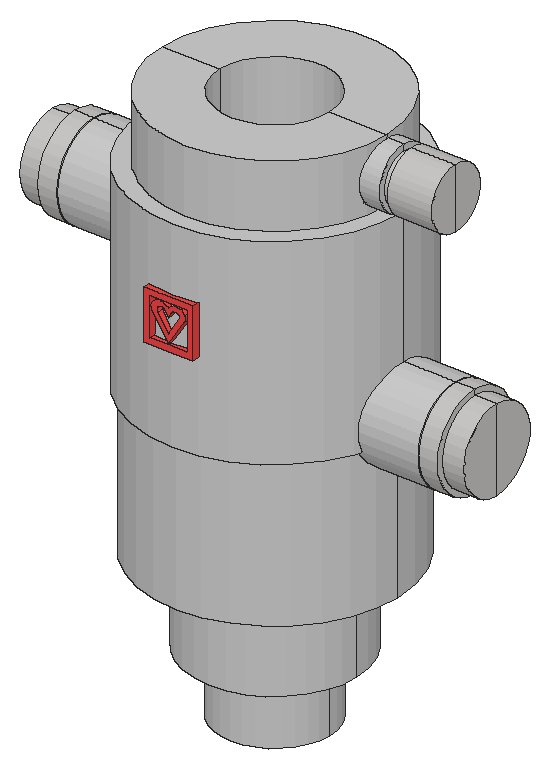
Revit family "Systemtrenner 0302", category Rohrzubehör, Revit 2018
Family settings
  Bemaßung runder Anschluss = Durchmesser verwenden
  Teiletyp = Unterbricht
  OmniClass-Nummer = 23.65.55.14
  OmniClass-Titel = Valves for Liquid Services
  Arbeitsebenenbasiert = Nein
  Immer vertikal = Ja
  Beim Laden mit Abzugskörper schneiden = Nein
  Gemeinsam genutzt = Nein
Parameters (values of type "DN15 (3/4"-3/4")")
  Max. zulässige Betriebstemperatur (kurzzeitig) = 80 °C  # constant formula
  Max. Betriebstemperatur = 65 °C  # constant formula
  URL = "www.herz-armaturen.at"
  Systemtrenner-Kartusche = "hochwertiger, kalkabweisender Kunststoff"  # constant formula
  SCTWSEQ = "AW;SBT_TYP_AW=\"104\";2"
  SCTWCODE = "04;12;02"  # constant formula
  S03 = 29.00 mm  # constant formula
  S02 = 53.00 mm  # constant formula
  S01 = 13.00 mm  # constant formula
  NennweiteEin [instance] = if([20_20], 20.00 mm, if([25_20], 25.00 mm, if([25_25], 25.00 mm, 0.00 mm)))  # 20.00 mm
  NennweiteAus [instance] = if([20_20], 20.00 mm, if([25_20], 20.00 mm, if([25_25], 25.00 mm, 0.00 mm)))  # 20.00 mm
  Max. Betriebsdruck = 1000000.0 Pa  # constant formula
  Medium = "Wasser (ohne Dampf)"  # constant formula
  LO01 = 70.00 mm  # constant formula
  IG (ein) [instance] = NennweiteEin / 2  # 10.00 mm
  Hinweis = "Gemäß Art 33 der REACH-Verordnung (EG Nr. 1907/2006) sind wir verpflichtet, darauf hinzuweisen, dass der Stoff Blei auf der SVHC-Liste geführt wird und dass alle aus Messing bestehenden Bauteile, die in unseren Erzeugnissen verarbeitet sind, mehr als 0,1 % (w/w) Blei (CAS: 7439-92-1 / EINECS: 231-100-4) enthalten.\r\nDa Blei als Legierungsbestandteil fest gebunden ist, sind keine Expositionen zu erwarten und daher sind keine zusätzlichen Angaben zur sicheren Verwendung notwendig."
  Hersteller = "HERZ Armaturen Ges.m.b.H."  # constant formula
  H09 = 7.50 mm  # constant formula
  H08 = 24.50 mm  # constant formula
  H07 = 8.50 mm  # constant formula
  H06 = 57.50 mm  # constant formula
  H05 = 6.00 mm  # constant formula
  H04 = 11.50 mm  # constant formula
  H03 = 54.00 mm  # constant formula
  H02 = 27.00 mm  # constant formula
  H01 = 102.00 mm  # constant formula
  Gehäuse = "Pressmessing (CW617N), verchromt"  # constant formula
  GT (IG) [instance] = if([20_20], 11.30 mm, if([25_20], 12.50 mm, if([25_25], 12.50 mm, 0.00 mm)))  # 11.30 mm
  GT (AG) [instance] = if([20_20], 11.30 mm, if([25_20], 12.50 mm, if([25_25], 12.50 mm, 0.00 mm)))  # 11.30 mm
  Einbaulage = "senkrecht"  # constant formula
  Dichtungen = "EPDM"  # constant formula
  D10 = 4.00 mm  # constant formula
  D09 = 40.50 mm  # constant formula
  D08 = 4.50 mm  # constant formula
  D07 = 5.50 mm  # constant formula
  D06 = 33.00 mm  # constant formula
  D05 [instance] = (NennweiteEin / 2) + 1.00 mm  # 11.00 mm
  D04 = 15.00 mm  # constant formula
  D03 = 22.50 mm  # constant formula
  D02 = 23.50 mm  # constant formula
  D01 = 20.50 mm  # constant formula
  Bestellnummer = if([20_20], "I030202", if([25_20], "I030203", if([25_25], "I030213", "0")))  # "I030202"
  Ausführung = "Der Systemtrenner BA wurde nach der Norm DIN EN 1717 entwickelt.\r\nLaut dieser Norm ist die Wasserqualität je nach Grad der Verschmutzung in 5 Klassen eingeteilt.\r\nDer Systemtrenner Typ BA erlaubt Absicherung gegen Nichttrinkwasser bis zur Gefahrenklasse 4, der höchsten Gefahrenklasse, die mit einer Armatur abgesichert werden kann.\r\nSystemtrenner komplett mit Sicherungsschraube gegen Manipulationen, Sieb gegen Schmutzeintrag.\r\nDiese Filterscheibe muss richtig in die Armatur hingesetzt werden, so dass die Funktion gewehrleistet werden kann.\r\nDichtung darauf legen.\r\nDer Einbau eines Schmutzfängers vor dem Systemtrenner hilft, um eine dauerhafte und einwandfreie Funktion zu gewährleisten.\r\nDer Systemtrenner kann nur senkrecht montiert werden.\r\nDer Herz- Systemtrenner ist frostsicher."
  Anwendung = "Der Systemtrenner ist zum nachträglichen Anbau an eine Entnahmearmatur mit Schlauchanschluss konzipiert.\r\nDank seiner kompakten Bauform schliesst dieser Systemtrenner die Lücke überall dort, wo eine Anbindung an das Abwasser notwendig ist."
  AG (aus) [instance] = NennweiteAus / 2  # 10.00 mm
  25_25 = no
  25_20 = no
  20_20 = yes
Types (4, lengths in mm): name | NennweiteEin | NennweiteAus | IG (ein) | GT (IG) | GT (AG) | D05 | Bestellnummer | AG (aus) | 25_25 | 25_20 | 20_20
  (no name) | 20.00 | 20.00 | 10.00 | 11.30 | 11.30 | 11.00 | "I030202" | 10.00 | no | no | yes
  DN15 (3/4"-3/4") | 20.00 | 20.00 | 10.00 | 11.30 | 11.30 | 11.00 | "I030202" | 10.00 | no | no | yes
  DN20 (1"-3/4") | 25.00 | 20.00 | 12.50 | 12.50 | 12.50 | 13.50 | "I030203" | 10.00 | no | yes | no
  DN20 (1"-1") | 25.00 | 25.00 | 12.50 | 12.50 | 12.50 | 13.50 | "I030213" | 12.50 | yes | no | no
Reference planes
  plane 1 "Mitte (Vorne/hinten)": y = 0
  plane 2: z = 0
  plane 3 "Mitte (Links/rechts)": x = 0
Forms (mm)
  Revolve 1, solid, material "Messing, vernickelt", detail levels fine
    sketch origin (0, 0, 0) x (1, 0, 0) y (0, 0, 1)
      loop
        line (0, 0) -> (0, 90.7) -> (-10, 90.7) -> (-10, 102) -> (-20.5, 102) -> (-20.5, 90.5) -> (-23.5, 90.5) -> (-23.5, 54) -> (-22.5, 54) -> (-22.5, 27) -> (-15, 27) -> (-15, 11.3) -> (-10, 11.3) -> (-10, 0) -> (0, 0)
      axis (0, 102) -> (0, 0)
    angle from 0 to 360
  Revolve 2, solid, material "Messing, vernickelt", detail levels fine
    sketch origin (0, 0, 0) x (1, 0, 0) y (0, 0, 1)
      loop
        line (11, 101.5) -> (11, 96) -> (23.5, 96) -> (23.5, 101.5) -> (11, 101.5)
      axis (11, 96) -> (23.5, 96)
    angle from 0 to 360
  Revolve 3, solid, material "Messing, vernickelt", detail levels fine
    sketch origin (0, 0, 0) x (1, 0, 0) y (0, 0, 1)
      loop
        line (0, 66) -> (0, 57.5) -> (33, 57.5) -> (33, 66) -> (0, 66)
      axis (33, 57.5) -> (0, 57.5)
    angle from 0 to 360
  Revolve 4, solid, material "Messing, vernickelt", detail levels fine
    sketch origin (0, 0, 0) x (1, 0, 0) y (0, 0, 1)
      loop
        line (0, 77.5) -> (0, 86) -> (-33, 86) -> (-33, 77.5) -> (0, 77.5)
      axis (-33, 77.5) -> (0, 77.5)
    angle from 0 to 360
  Revolve 5, solid, material "Edelstahl", detail levels fine
    sketch origin (0, 0, 0) x (1, 0, 0) y (0, 0, 1)
      loop
        line (23.5, 96) -> (33, 96) -> (33, 101.5) -> (25, 101.5) -> (25, 100.5) -> (23.5, 100.5) -> (23.5, 96)
      axis (23.5, 96) -> (33, 96)
    angle from 0 to 360
  Revolve 6, solid, material "Edelstahl", detail levels fine
    sketch origin (0, 0, 0) x (1, 0, 0) y (0, 0, 1)
      loop
        line (33, 57.5) -> (40.5, 57.5) -> (40.5, 65) -> (36.5, 65) -> (36.5, 66) -> (33, 66) -> (33, 57.5)
      axis (33, 57.5) -> (40.5, 57.5)
    angle from 0 to 360
  Revolve 7, solid, material "Edelstahl", detail levels fine
    sketch origin (0, 0, 20) x (-1, 0, 0) y (0, 0, 1)
      loop
        line (33, 57.5) -> (40.5, 57.5) -> (40.5, 65) -> (36.5, 65) -> (36.5, 66) -> (33, 66) -> (33, 57.5)
      axis (33, 57.5) -> (40.5, 57.5)
    angle from 0 to 360
Lines and regions (mm)
  model lines, detail levels coarse+medium
    curve 1: line (-23.5, 0, 102) -> (23.5, 0, 102)
    curve 2: line (-23.5, 0, 0) -> (-23.5, 0, 102)
    curve 3: line (23.5, 0, 0) -> (-23.5, 0, 0)
    curve 4: line (23.5, 0, 102) -> (23.5, 0, 0)
    curve 5: line (-10.5, 0, 102) -> (-10.5, 0, 49)
    curve 6: line (-10.5, 0, 29) -> (-10.5, 0, 0)
    curve 7: line (10.5, 0, 102) -> (10.5, 0, 49)
    curve 8: line (10.5, 0, 29) -> (10.5, 0, 0)
    curve 9: line (0, 23.5, 102) -> (0, -23.5, 102)
    curve 10: line (0, 23.5, 0) -> (0, 23.5, 102)
    curve 11: line (0, -23.5, 0) -> (0, 23.5, 0)
    curve 12: line (0, -23.5, 102) -> (0, -23.5, 0)
    curve 13: line (0, 10.5, 102) -> (0, 10.5, 49)
    curve 14: line (0, 10.5, 29) -> (0, 10.5, 0)
    curve 15: line (0, -10.5, 102) -> (0, -10.5, 49)
    curve 16: line (0, -10.5, 29) -> (0, -10.5, 0)
Dimensions and locks
  "H01": Revolve 1 sketch curve to plane 2
  "IG (ein)": Revolve 1 sketch curve to plane 3 "Mitte (Links/rechts)"
  "AG (aus)": Revolve 1 sketch curve to plane 3 "Mitte (Links/rechts)"
  "GT (IG)": Revolve 1 sketch curve to Revolve 1 sketch curve
  "GT (AG)": Revolve 1 sketch curve to Revolve 1 sketch curve
  "D01": Revolve 1 sketch curve to plane 3 "Mitte (Links/rechts)"
  "D02": plane 3 "Mitte (Links/rechts)" to Revolve 1 sketch curve
  "D03": Revolve 1 sketch curve to plane 3 "Mitte (Links/rechts)"
  "D04": Revolve 1 sketch curve to plane 3 "Mitte (Links/rechts)"
  "H02": Revolve 1 sketch curve to plane 2
  "H03": Revolve 1 sketch curve to plane 2
  "H04": Revolve 1 sketch curve to Revolve 1 sketch curve
  "H05": Revolve 1 to Revolve 2 sketch curve
  "D02": Revolve 2 sketch curve to plane 3 "Mitte (Links/rechts)"
  "D05": Revolve 2 sketch curve to plane 3 "Mitte (Links/rechts)"
  "H06": Revolve 3 sketch curve to plane 2
  "H07": Revolve 3 sketch curve to Revolve 3 sketch curve
  "D06": Revolve 3 sketch curve to plane 3 "Mitte (Links/rechts)"
  "D06": plane 3 "Mitte (Links/rechts)" to Revolve 4 sketch curve
  "H07": Revolve 4 sketch curve to Revolve 4 sketch curve
  "H08": Revolve 1 to Revolve 4 sketch curve
  "D06": Revolve 5 sketch curve to plane 3 "Mitte (Links/rechts)"
  Revolve 5 sketch curve to Revolve 5 sketch curve = 1.50 mm
  "D02": Revolve 5 sketch curve to plane 3 "Mitte (Links/rechts)"
  "D07": Revolve 5 sketch curve to Revolve 5 sketch curve
  "H05": Revolve 1 to Revolve 5 sketch curve
  "D07": Revolve 2 sketch curve to Revolve 2 sketch curve
  "D08": Revolve 5 sketch curve to Revolve 5 sketch curve
  "D06": plane 3 "Mitte (Links/rechts)" to Revolve 6 sketch curve
  "D09": Revolve 6 sketch curve to plane 3 "Mitte (Links/rechts)"
  "D10": Revolve 6 sketch curve to Revolve 6 sketch curve
  "H07": Revolve 6 sketch curve to Revolve 6 sketch curve
  "H09": Revolve 6 sketch curve to Revolve 6 sketch curve
  "D10": Revolve 7 sketch curve to Revolve 7 sketch curve
  "H07": Revolve 7 sketch curve to Revolve 7 sketch curve
  "H09": Revolve 7 sketch curve to Revolve 7 sketch curve
  "H08": Revolve 1 to Revolve 7 sketch curve
  "D06": plane 3 "Mitte (Links/rechts)" to Revolve 7 sketch curve
  "D09": plane 3 "Mitte (Links/rechts)" to Revolve 7 sketch curve
  "D02": nested 1 to plane 1 "Mitte (Vorne/hinten)"
  "LO01": nested 1 to plane 2
  "H01": curve 1 to plane 2
  "D02": curve 4 to plane 3 "Mitte (Links/rechts)" to curve 2
  "S01": curve 2 to curve 5
  "S01": curve 7 to curve 4
  "S01": curve 6 to curve 2
  "S01": curve 8 to curve 4
  "S02": curve 1 to curve 7
  "S02": curve 1 to curve 5
  "S03": curve 8 to curve 3
  "S03": curve 6 to curve 3
  "H01": curve 9 to plane 2
  "S03": curve 16 to plane 2
  "S02": curve 15 to curve 9
  "S01": curve 15 to curve 12
  "S01": curve 10 to curve 13
  "D02": curve 10 to plane 1 "Mitte (Vorne/hinten)" to curve 12
  "S01": curve 10 to curve 14
  "S01": curve 16 to curve 12
  "S03": curve 14 to plane 2
  "S02": curve 13 to curve 9
  aligned and locked: level to plane 2
Automatic sketch dimensions
  curve 16 to level = 0.00 mm
  curve 8 to level = 0.00 mm
  Revolve 1 sketch curve to plane 3 "Mitte (Links/rechts)" = 0.00 mm  (x2)
  Revolve 1 sketch curve to level = 0.00 mm
  Revolve 1 sketch curve to level = 366.045 mm
  Revolve 1 sketch curve to Revolve 1 sketch curve = 2112.315 mm
  Revolve 2 sketch curve to Revolve 2 sketch curve = 0.00 mm  (x3)
  Revolve 3 sketch curve to plane 3 "Mitte (Links/rechts)" = 0.00 mm  (x2)
  Revolve 3 sketch curve to Revolve 3 sketch curve = 0.00 mm  (x2)
  Revolve 4 sketch curve to plane 3 "Mitte (Links/rechts)" = 0.00 mm  (x2)
  Revolve 4 sketch curve to Revolve 4 sketch curve = 0.00 mm  (x2)
  Revolve 5 sketch curve to Revolve 5 sketch curve = 0.00 mm  (x3)
  level to Revolve 6 sketch curve = 57.50 mm
  Revolve 6 sketch curve to Revolve 6 sketch curve = 0.00 mm  (x3)
  Revolve 7 sketch curve to Revolve 7 sketch curve = 0.00 mm  (x3)
Nested families
  nested 1: "Herz-Logo-vorne" at (0, -23.5, 74.5) x (0, 1, 0) z (0, 0, 1), type "Herz-Logo-vorne", detail levels fine
Connectors
  piping at (0, 0, 90.7), diameter 20, driven by "NennweiteEin"
    settings: on Revolve 1, index 1, connector inside diameter 609.6 mm, connector length 0.00 mm, flow factor 0, pipe flow 0.0 L/s, pressure drop 0.0 Pa, fitting loss kfactor 0, connector angle 0.00°, fixture units 0, engagement length 0.00 mm, angle of deflection 0.00°, flow configuration 0, flow direction 1, fitting loss method 0, system type 29, joint type 0, gender type 0, connector reference index -1, connector utility 0, adjustable connector no, is connector primary yes, connector description ""
  piping at (0, 0, 0), diameter 20, driven by "NennweiteAus"
    settings: on Revolve 1, index 2, connector inside diameter 609.6 mm, connector length 0.00 mm, flow factor 0, pipe flow 0.0 L/s, pressure drop 0.0 Pa, fitting loss kfactor 0, connector angle 0.00°, fixture units 0, engagement length 0.00 mm, angle of deflection 0.00°, flow configuration 0, flow direction 2, fitting loss method 0, system type 29, joint type 0, gender type 0, connector reference index -1, connector utility 0, adjustable connector no, is connector primary no, connector description ""
Definition of nested family "Herz-Logo-vorne"
  Reference planes
    plane 1 "Mitte (Vorne/hinten)": y = 0
    plane 2: z = 0
    plane 3 "Mitte (Links/rechts)": x = 0
  Forms (mm)
    Extrusion 1, solid
      sketch origin (0.732, -0.018, 0.017) x (0, -1, 0) y (0, 0, 1)
        loop
          line (-0.018, -4.517) -> (4.482, -4.517) -> (4.482, 4.483) -> (-4.518, 4.483) -> (-4.518, -4.517) -> (-0.018, -4.517)
        loop
          line (-0.05, -3.48) -> (3.482, -3.48) -> (3.482, 3.483) -> (-3.518, 3.483) -> (-3.518, -3.48) -> (-0.05, -3.48)
        loop
          arc (-0.018, 2.383) -> (-1.543, 3.287) -> (-3.067, 2.383) r 1.738
          arc (-3.067, 2.383) -> (-3.191, 1.899) -> (-3.067, 1.415) r 1.009
          line (-3.067, 1.415) -> (-0.018, -3.281) -> (3.032, 1.415)
          arc (3.032, 1.415) -> (3.156, 1.899) -> (3.032, 2.383) r 1.009
          arc (3.032, 2.383) -> (1.507, 3.287) -> (-0.018, 2.383) r 1.738
        loop
          arc (1.885, 1.272) -> (2.005, 1.675) -> (1.885, 2.079) r 0.74
          arc (1.885, 2.079) -> (1.265, 2.416) -> (0.644, 2.079) r 0.74
          line (0.644, 2.079) -> (-0.018, 0.97) -> (-0.679, 2.079)
          arc (-0.679, 2.079) -> (-1.3, 2.416) -> (-1.921, 2.079) r 0.74
          arc (-1.921, 2.079) -> (-2.04, 1.675) -> (-1.921, 1.272) r 0.74
          line (-1.921, 1.272) -> (-0.018, -1.658) -> (1.885, 1.272)
      from 0 to 1.5
  Dimensions and locks
    aligned and locked: level to plane 2
